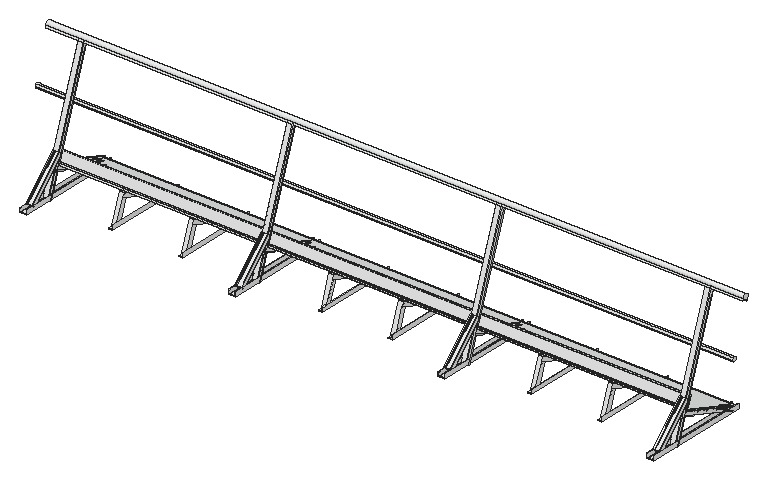
Revit family "Walkway_KattsafeUSA_Guardrail1Side_Levelled", category Specialty Equipment, Revit 2026
Family settings
  Round Connector Dimension = Use Diameter
  Part Type = Normal
  Classification Number = 23.13.41.19
  Enable Cutting in Views = No
  Cut with Voids When Loaded = No
  Maintain Annotation Orientation = No
  Shared = No
  Room Calculation Point = No
Parameters (values of type "GW5")
  WalkwayWidth = 1' - 11.62205"  # constant formula
  WalkwayMaterial = Aluminum_Kattsafe_Mesh_Walkway
  WalkwayAngleEnd2 [instance] = 0.00°
  WalkwayAngleEnd1 [instance] = 0.00°
  Uniclass2015Version = "Products v1.35"
  Uniclass2015Title = "Working platforms"
  Uniclass2015Code = "Pr_40_70_75_96"
  URL = "https://kattsafe.com"
  Type IFC Predefined Type = "USERDEFINED"
  Type Comments = "Walkway - 1 Side - Guardrail - Levelled"
  ToeboardSide2Option [instance] = if(and(HandrailEnd2ReturnOptionCalc, Toeboard), 1 > 0, 1 < 0)  # no
  ToeboardSide1Option [instance] = if(and(HandrailEnd1ReturnOptionCalc, Toeboard), 1 > 0, 1 < 0)  # no
  Toeboard [instance] = yes
  SafetyDisclaimer [instance] = "WARNING! The correct placement of access, fall protection and facade maintenance systems is critical to ensure it is fit-for-purpose and safe for the operator to use. Did you know Kattsafe® have a dedicated team of Height Safety System Design Specialists? Kattsafe® provide one-on-one consultation and system design assistance to ensure you are meeting the stringent requirements of height safety and to give you PEACE OF MIND with your project."  # constant formula
  RoofPitchCalc [instance] = if(1 = 1, RoofPitch + 90.00°, 0.00°)  # 110.00°
  RoofPitch [instance] = 20.00°
  RailClosureBendEnd2 [instance] = no
  RailClosureBendEnd1 [instance] = no
  PostsSingleOption [instance] = if(and(([built-in parameter 1001306] - 0' 2.20472" - PostOffsetLengthEnd1 - PostOffsetLengthEnd2 - (PostsOffsetLength * 2)) < 0' 0.03937", ([built-in parameter 1001306] - 0' 2.20472" - PostOffsetLengthEnd1 - PostOffsetLengthEnd2) > 6' 6.70079"), 1 > 0, 1 < 0)  # no
  PostsActualNumberOf [instance] = PostsOffsetLengthCalc3  # 4
  PostOffsetLengthEnd2 [instance] = 0' - 0"
  PostsOffsetLengthCalc3 [instance] = if(PostsOffsetLengthCalc > PostsOffsetLengthCalc2, rounddown(PostsOffsetLengthCalc2), PostsOffsetLengthCalc)  # 4
  PostsOffsetLengthCalc2 [instance] = (PostsOverallLength / PostsMaxSpacingLength) + 2  # 4.972
  PostsOffsetLengthCalc [instance] = (PostsOverallLength / PostsMaxSpacingLength) + 2  # 5
  PostsNumberOfCalc3 [instance] = if(and(PostsNumberOfCalc > PostsNumberOfCalc2, PostsOverallLength > PostsMaxSpacingLength * 2), rounddown(PostsNumberOfCalc2), if(PostsOverallLength < (PostsMaxSpacingLength * 2) + 0' 0.03937", 2, PostsNumberOfCalc))  # 2
  PostsNumberOfCalc2 [instance] = (PostsOverallLength / PostsMaxSpacingLength)  # 2.972
  PostsNumberOfCalc [instance] = (PostsOverallLength / PostsMaxSpacingLength)  # 3
  PostsMaxSpacingLength = 6' - 6.74016"  # constant formula
  PostsHeight [instance] = if(RoofPitch > 0.00°, ((2' 1.11811" * tan(RoofPitch)) + (0' 1.65354" / cos(RoofPitch)) + 0' 0.51181" + GuardrailHeight - 0' 1.65354"), (0' 2.16535" + GuardrailHeight - 0' 1.65354"))  # 4' - 1.13025"
  PostOffsetLengthEnd1 [instance] = 0' - 0"
  PostsArrayOption [instance] = if(([built-in parameter 1001306] - 0' 2.20472" - PostOffsetLengthEnd1 - PostOffsetLengthEnd2 - (PostsOffsetLength * 2)) < 0' 0.03937", 1 < 0, 1 > 0)  # yes
  PostsOverallLength [instance] = ([built-in parameter 1001306] - 0' 2.20472" - PostOffsetLengthEnd1 - PostOffsetLengthEnd2)  # 19' - 6.01575"
  Material = Aluminum_Kattsafe_Satin
  ManufacturerOverallHeightCalc = if(ManufacturerOverallHeight < 3' 1.59843", 3' 1.59843", if(ManufacturerOverallHeight > 3' 5.53543", 3' 5.53543", ManufacturerOverallHeight))  # 3' - 5.53543"
  KneerailOffsetHeightCalc2 [instance] = if(KneerailOffsetHeight > 1' 5.71654", 1' 5.71654", KneerailOffsetHeight)  # 1' - 5.12598"
  KneerailOffsetHeightCalc [instance] = if(or(RailClosureBendEnd1, RailClosureBendEnd2), 1' 5.12598", KneerailOffsetHeightCalc2)  # 1' - 5.12598"
  KneerailOffsetHeight [instance] = 1' - 5.12598"
  PostsOffsetLength [instance] = PostsOverallLength / (PostsOffsetLengthCalc3 - 1)  # 6' - 6.00525"
  KneerailEnd2ReturnOffsetLengthCalc [instance] = HandrailReturnOverhangLengthEnd2 + KneerailReturnOffsetLengthEnd2  # 1' - 11.62205"
  KneerailReturnOffsetLengthEnd2 [instance] = 0' - 0"
  KneerailEnd2OverhangLengthCalc [instance] = if(RailClosureBendEnd2, 0' 7.87402", HandrailEnd2OverhangLengthCalc + KneerailOffsetLengthEnd2)  # 0' - 11.81102"
  KneerailOffsetLengthEnd2 [instance] = 0' - 0"
  KneerailEnd1ReturnOffsetLengthCalc [instance] = HandrailReturnOverhangLengthEnd1 + KneerailReturnOffsetLengthEnd1  # 1' - 11.62205"
  KneerailReturnOffsetLengthEnd1 [instance] = 0' - 0"
  KneerailEnd1OverhangLengthCalc [instance] = if(RailClosureBendEnd1, 0' 7.87402", HandrailEnd1OverhangLengthCalc + KneerailOffsetLengthEnd1)  # 0' - 11.81102"
  KneerailOffsetLengthEnd1 [instance] = 0' - 0"
  KneerailAngledOffsetHeight [instance] = KneerailOffsetHeightCalc + (-HandrailAngledOffsetHeight)  # 1' - 5.71654"
  HandrailReturnOverhangLengthEnd2 [instance] = 1' - 11.62205"
  HandrailEnd2ReturnOptionCalc [instance] = if(and(HandrailReturnEnd2, WalkwayAngleEnd2 = 0.00°), 1 > 0, 1 < 0)  # no
  HandrailReturnEnd2 [instance] = no
  HandrailEnd2OverhangLengthCalc [instance] = if(RailClosureBendEnd2, 0' 0", HandrailOverhangLengthEnd2)  # 0' - 11.81102"
  HandrailOverhangLengthEnd2 [instance] = 0' - 11.81102"
  HandrailReturnOverhangLengthEnd1 [instance] = 1' - 11.62205"
  HandrailEnd1ReturnOptionCalc [instance] = if(and(HandrailReturnEnd1, WalkwayAngleEnd1 = 0.00°), 1 > 0, 1 < 0)  # no
  HandrailReturnEnd1 [instance] = no
  HandrailEnd1OverhangLengthCalc [instance] = if(RailClosureBendEnd1, 0' 0", HandrailOverhangLengthEnd1)  # 0' - 11.81102"
  HandrailOverhangLengthEnd1 [instance] = 0' - 11.81102"
  ModifiedIssue = 20250703
  Model = "GW5"
  ManufacturerURLProductSpecific = "https://kattsafe.com/products/walkways/aluminium-rooftop-walkway?variant=gw5"
  ManufacturerSpecCode = Model  # "GW5"
  ManufacturerOverallWidth = WalkwayWidth + 1' 3.74803"  # 3' - 3.37008"
  ManufacturerOverallLength [instance] = [built-in parameter 1001306]  # 19' - 8.22047"
  ManufacturerOverallHeight = 3' - 5.53543"
  Manufacturer = "Kattsafe®"  # constant formula
  built-in parameter 1001306 [instance] = 19' - 8.22047"
  IfcExportType = "USERDEFINED"
  IfcExportAs = "IfcBuildingElementProxy"
  HandrailClosureAngledOffsetHeight = -1' - 7.29134"  # constant formula
  HandrailAngledOffsetHeight = -0' - 0.59055"  # constant formula
  GuardrailHeight = ManufacturerOverallHeightCalc - 0' 2.16535"  # 3' - 3.37008"
  Export Type to IFC As = "IfcBuildingElementProxy"
  ElementType = "Roof Walkway"
  Description = "Kattsafe guardrail systems are the preferred method of safe access across roofs and areas close to a fall edge. The system requires no specialist PPE, personnel or training to safely prevent a fall with a walkway to designate a safe path of access across the roof surface."  # constant formula
  Default Elevation = 0' - 0"
  CreatedBy = "IGS BIM Solutions"  # constant formula
  CreatedByURL = "https://igsgroup.com.au"
  BattensSingleOption [instance] = if(PostsActualNumberOf < 3, 1 > 0, 1 < 0)  # no
  BattensArrayNumberOf [instance] = if(PostsActualNumberOf < 3, 2, PostsActualNumberOf - 1)  # 3
  BattensArrayOption [instance] = if(PostsActualNumberOf < 3, 1 < 0, 1 > 0)  # yes
  BattensActualNumberOf [instance] = if((PostsOffsetLength) < 2' 2.37795", 0, if((PostsOffsetLength) < 3' 3.37008", (BattensArrayNumberOf), ((BattensArrayNumberOf) * 2)))  # 6
  Assembly Code = "E1090100"
Reference planes (in)
  plane 1 "Walkway_Front": y = 0
  plane 2 "Bottom": z = 0
  plane 3 "Left": x = 0
  plane 4 "Right": x = 236.22047
  plane 5 "Top": z = 41.53543
  plane 6 "Front": y = -11.81102
  plane 7 "Walkway_Front_Calc": y = 0
  plane 8 "Walkway_Bottom": z = 1.65354
  plane 9 "Post_Centre (Front/Back)": y = -0.74803
  plane 10 "Kneerail_Top": z = 22.16535
  plane 11 "Handrail_Bottom": z = 39.29134
  plane 12 "Post_Array_Left": x = 79.10761
  plane 13 "Post_Array_Right": x = 157.11286
  plane 14 "Center (Front/Back)": y = -11.81102
  plane 15 "Center (Left/Right)": x = 118.11024
  plane 16 "Post_Left_Centre (Left/Right)": x = 1.10236
  plane 17 "Kneerail_Left": x = -11.81102
  plane 18 "Post_Left": x = 0
  plane 19 "Handrail_Left": x = -11.81102
  plane 20 "Post_Right_Centre (Left/Right)": x = 235.11811
  plane 21 "Kneerail_Right": x = 248.0315
  plane 22 "Post_Right": x = 236.22047
  plane 23 "Handrail_Right": x = 248.0315
  plane 24 "Walkway_Top": z = 2.16535
  plane 25 "Post_Front": y = -1.49606
  plane 26 "Left_Calc": x = 0
  plane 27 "Right_Calc": x = 236.22047
  plane 28 "Toeboard_Bottom": z = 2.55906
  plane 29 "Back": y = 27.55906
Lines and regions (in)
  reference lines
    curve 1: line (0, 0, 0) -> (236.22047, 0, 0)
    curve 2: line (0, 0, 0) -> (0.03783, 0, 0)
    curve 3: line (236.22047, 0, 0) -> (236.17957, 0, 0)
    curve 4: line (0, -1.49606, 0) -> (0, 15.30747, 46.16734)
    curve 5: line (0, 25.83591, 1.65354) -> (0, 2.23261, 10.24444)
Text (in)
  text "Disclaimer:\nDue to ongoing product development and manufacturing \nevolution, product details are subject to change without \nnotice. Please refer to product technical data sheets on \nthe manufacturers website for the most current product \ninformation. Please allow a +/- 5mm manufacturing \ntolerance for dimensions and set-outs shown in product \nliterature." at (407.89634, 92.4875, 0), in view "Ref. Level"
Dimensions and locks (in)
  "built-in parameter 1001306": plane 3 "Left" to plane 4 "Right"
  "ManufacturerOverallHeight": plane 5 "Top" to plane 2 "Bottom"
  "KneerailOffsetHeightCalc": plane 11 "Handrail_Bottom" to plane 10 "Kneerail_Top"
  "PostsOffsetLength": plane 13 "Post_Array_Right" to plane 20 "Post_Right_Centre (Left/Right)"
  locked: plane 5 "Top" to plane 11 "Handrail_Bottom" at 2.24409
  "PostsOffsetLength": plane 16 "Post_Left_Centre (Left/Right)" to plane 12 "Post_Array_Left"
  locked: plane 18 "Post_Left" to plane 16 "Post_Left_Centre (Left/Right)" at 1.10236
  "PostOffsetLengthEnd1": plane 26 "Left_Calc" to plane 18 "Post_Left"
  "HandrailEnd1OverhangLengthCalc": plane 19 "Handrail_Left" to plane 18 "Post_Left"
  "KneerailEnd1OverhangLengthCalc": plane 17 "Kneerail_Left" to plane 18 "Post_Left"
  locked: plane 22 "Post_Right" to plane 20 "Post_Right_Centre (Left/Right)" at 1.10236
  equal spacing: plane 3 "Left", plane 15 "Center (Left/Right)", plane 4 "Right"
  "PostOffsetLengthEnd2": plane 22 "Post_Right" to plane 27 "Right_Calc"
  "KneerailEnd2OverhangLengthCalc": plane 22 "Post_Right" to plane 21 "Kneerail_Right"
  "HandrailEnd2OverhangLengthCalc": plane 22 "Post_Right" to plane 23 "Handrail_Right"
  locked: plane 8 "Walkway_Bottom" to plane 2 "Bottom" at 1.65354
  locked: plane 24 "Walkway_Top" to plane 8 "Walkway_Bottom" at 0.51181
  "PostsHeight": curve 4 to curve 4
  locked: curve 4 to nested 7 at 0.74803
  locked: curve 4 to nested 8 at 1.49606
  locked: curve 4 to nested 9 at 0.74803
  locked: plane 3 "Left" to plane 26 "Left_Calc"
  locked: plane 27 "Right_Calc" to plane 4 "Right"
  curve 4 to nested 11 = 0' - 1.61417"
  locked: plane 28 "Toeboard_Bottom" to plane 24 "Walkway_Top" at 0.3937
  group 1 to group 2 = 6' - 6.00525"
  group 2 to group 1 = 0' - 0"
  group 1 to group 2 = 0' - 0"
  curve 5 to curve 5 = 2' - 1.11811"
  locked: nested 13 to curve 4 at 1.49606
  locked: curve 5 to nested 11 at 0.90551
  equal spacing: group 3, group 4, group 5  (x3)
  locked: plane 7 "Walkway_Front_Calc" to plane 1 "Walkway_Front" at 0
  "ManufacturerOverallWidth": plane 29 "Back" to plane 14 "Center (Front/Back)"
  equal spacing: plane 7 "Walkway_Front_Calc", plane 9 "Post_Centre (Front/Back)", plane 25 "Post_Front"
  locked: plane 25 "Post_Front" to plane 7 "Walkway_Front_Calc" at 1.49606
  locked: plane 14 "Center (Front/Back)" to plane 25 "Post_Front" at 10.31496
  locked: plane 26 "Left_Calc" to nested 16
  locked: curve 4 to nested 16 at 0.62992
  locked: curve 5 to nested 16 at 0.90551
  locked: nested 17 to plane 27 "Right_Calc"
  locked: curve 5 to nested 17 at 0.90551
  locked: curve 4 to nested 17 at 0.62992
  locked: curve 4 to nested 19 at 0.74803
  locked: curve 4 to nested 18 at 0.74803
  locked: curve 4 to nested 21 at 2.11467
  locked: curve 4 to nested 20 at 2.11467
  "RoofPitchCalc": angle plane 2 "Bottom" to curve 4
  "RoofPitch": angle plane 2 "Bottom" to curve 5
  aligned and locked: plane 4 "Right" to curve 1
  aligned and locked: plane 1 "Walkway_Front" to curve 1
  aligned and locked: plane 3 "Left" to curve 1
  aligned and locked: level to plane 2 "Bottom"
  aligned and locked: plane 4 "Right" to curve 3
  aligned and locked: plane 2 "Bottom" to nested 1
  aligned and locked: plane 2 "Bottom" to nested 2
  aligned and locked: plane 12 "Post_Array_Left" to nested 3
  aligned and locked: plane 2 "Bottom" to nested 3
  aligned and locked: plane 12 "Post_Array_Left" to nested 4
  aligned and locked: plane 18 "Post_Left" to nested 1
  aligned and locked: plane 22 "Post_Right" to nested 2
  aligned and locked: plane 16 "Post_Left_Centre (Left/Right)" to nested 5
  aligned and locked: plane 2 "Bottom" to nested 5
  aligned and locked: plane 16 "Post_Left_Centre (Left/Right)" to nested 6
  aligned and locked: plane 2 "Bottom" to nested 6
  aligned and locked: plane 2 "Bottom" to curve 4
  aligned and locked: plane 25 "Post_Front" to curve 4
  aligned and locked: nested 9 to plane 19 "Handrail_Left"
  aligned and locked: plane 19 "Handrail_Left" to nested 7
  aligned and locked: plane 17 "Kneerail_Left" to nested 8
  aligned and locked: plane 21 "Kneerail_Right" to nested 8
  aligned and locked: plane 23 "Handrail_Right" to nested 7
  aligned and locked: plane 23 "Handrail_Right" to nested 10
  aligned and locked: plane 26 "Left_Calc" to nested 11
  aligned and locked: plane 27 "Right_Calc" to nested 11
  aligned and locked: plane 13 "Post_Array_Right" to nested 12
  aligned and locked: plane 2 "Bottom" to nested 12
  aligned and locked: nested 1 to plane 7 "Walkway_Front_Calc"
  aligned and locked: nested 4 to plane 7 "Walkway_Front_Calc"
  aligned and locked: nested 3 to plane 7 "Walkway_Front_Calc"
  aligned and locked: nested 12 to plane 7 "Walkway_Front_Calc"
  aligned and locked: nested 2 to plane 7 "Walkway_Front_Calc"
  aligned and locked: plane 8 "Walkway_Bottom" to curve 5
  aligned and locked: nested 13 to curve 5
  aligned and locked: plane 26 "Left_Calc" to nested 13
  aligned and locked: plane 27 "Right_Calc" to nested 13
  aligned and locked: nested 6 to plane 29 "Back"
  aligned and locked: nested 5 to plane 29 "Back"
  aligned and locked: plane 12 "Post_Array_Left" to nested 14
  aligned and locked: nested 14 to plane 29 "Back"
  aligned and locked: plane 2 "Bottom" to nested 14
  aligned and locked: plane 19 "Handrail_Left" to nested 18
  aligned and locked: nested 19 to plane 23 "Handrail_Right"
  aligned and locked: curve 5 to nested 16
  aligned and locked: curve 5 to nested 17
  aligned and locked: plane 17 "Kneerail_Left" to nested 20
  aligned and locked: plane 21 "Kneerail_Right" to nested 21
Automatic sketch dimensions
  plane 3 "Left" to curve 2 = 0' - 0.03783"
  curve 3 to plane 4 "Right" = 0' - 0.0409"
  curve 2 to plane 3 "Left" = 0' - 0"
  plane 1 "Walkway_Front" to curve 3 = 0' - 0"
  plane 1 "Walkway_Front" to curve 2 = 0' - 0"
Nested families (in)
  nested 1: "z_Walkway_RoofMount_KattsafeUSA_Guardrail_Levelled" at (2.29467, 0, 0), ManufacturerOverallHeight <- "PostsHeight", RoofPitch <- "RoofPitch", type "GW355"
    with RoofPitch_Calc 110.00°, RoofPitch 20.00°, ManufacturerOverallHeight 4' - 1.13025"
  nested 2: "z_Walkway_RoofMount_KattsafeUSA_Guardrail_Levelled" at (235.95608, 0, 0), ManufacturerOverallHeight <- "PostsHeight", RoofPitch <- "RoofPitch", type "GW355"
    with RoofPitch_Calc 110.00°, RoofPitch 20.00°, ManufacturerOverallHeight 4' - 1.13025"
  nested 3: "z_Walkway_RoofMount_KattsafeUSA_Guardrail_Levelled" at (80.12275, 0, 0), ManufacturerOverallHeight <- "PostsHeight", visible <- "PostsArrayOption", RoofPitch <- "RoofPitch", type "GW355"
    with RoofPitch_Calc 110.00°, RoofPitch 20.00°, ManufacturerOverallHeight 4' - 1.13025"
  nested 4: "z_Walkway_RoofMount_KattsafeUSA_Guardrail_Levelled" at (80.12275, 0, 0), ManufacturerOverallHeight <- "PostsHeight", visible <- "PostsSingleOption", RoofPitch <- "RoofPitch", type "GW355"
    with RoofPitch_Calc 110.00°, RoofPitch 20.00°, ManufacturerOverallHeight 4' - 1.13025"
  nested 5: "z_Walkway_LevelledBatten_KattsafeUSA_Array" at (2.1175, 27.55906, 0), ManufacturerOverallLength <- "PostsOffsetLength", visible <- "BattensArrayOption", RoofPitch <- "RoofPitch", type "GW324"
    with RoofPitch 20.00°, ManufacturerOverallLength 6' - 6.00525", Batten_Offset_Length_Calc3 3, Batten_Offset_Length_Calc2 3.9572, Batten_Offset_Length_Calc 4, Batten_Offset_Length 2' - 2.00175", Batten_Max_Spacing_Length 2' - 2.37795", Batten_2_Option yes, Batten_1_Option yes
  nested 6: "z_Walkway_LevelledBatten_KattsafeUSA_Array" at (2.1175, 27.55906, 0), ManufacturerOverallLength <- "PostsOffsetLength", visible <- "BattensSingleOption", RoofPitch <- "RoofPitch", type "GW324"
    with RoofPitch 20.00°, ManufacturerOverallLength 6' - 6.00525", Batten_Offset_Length_Calc3 3, Batten_Offset_Length_Calc2 3.9572, Batten_Offset_Length_Calc 4, Batten_Offset_Length 2' - 2.00175", Batten_Max_Spacing_Length 2' - 2.37795", Batten_2_Option yes, Batten_1_Option yes
  nested 7: "z_Guardrail_KattsafeUSA_HandrailTube" at (-10.79589, 15.80841, 45.35656) x (1, 0, 0) z (0, 0.342, 0.9397), built-in parameter 1001364 <- "HandrailAngledOffsetHeight", Material <- "Material", type "GW374"
    with Material Aluminum_Kattsafe_Satin, ManufacturerOverallLength 21' - 7.84252"
  nested 8: "z_Guardrail_KattsafeUSA_KneerailTube" at (-10.79589, 11.28838, 28.77663) x (1, 0, 0) z (0, -0.342, -0.9397), built-in parameter 1001364 <- "KneerailAngledOffsetHeight", Material <- "Material", type "GW375"
    with Material Aluminum_Kattsafe_Satin, ManufacturerOverallLength 21' - 7.84252"
  nested 9: "z_Guardrail_KattsafeUSA_HandrailClosureBend" at (-26.54392, 9.41237, 27.78357) x (1, 0, 0) z (0, 0.342, 0.9397), built-in parameter 1001364 <- "HandrailClosureAngledOffsetHeight", visible <- "RailClosureBendEnd1", Material <- "Material", type "GW387"
    with Material Aluminum_Kattsafe_Satin, ManufacturerOverallLength 1' - 3.74803"
  nested 10: "z_Guardrail_KattsafeUSA_HandrailClosureBend" at (262.76439, 9.41237, 27.78357) x (-1, 0, 0) z (0, 0.342, 0.9397), built-in parameter 1001364 <- "HandrailClosureAngledOffsetHeight", visible <- "RailClosureBendEnd2", Material <- "Material", type "GW387"
    with Material Aluminum_Kattsafe_Satin, ManufacturerOverallLength 1' - 3.74803"
  nested 11: "z_Guardrail_KattsafeUSA_ToeBoard" at (1.01514, 3.59669, 10.71158) x (1, 0, 0) z (0, 0.342, 0.9397), visible <- "Toeboard", Material <- "Material", type "GW320"
    with Material Aluminum_Kattsafe_Satin, ManufacturerOverallLength 19' - 8.22047"
  nested 12: "z_Walkway_RoofMount_KattsafeUSA_Guardrail_Levelled" at (158.128, 0, 0), ManufacturerOverallHeight <- "PostsHeight", visible <- "PostsArrayOption", RoofPitch <- "RoofPitch", type "GW355"
    with RoofPitch_Calc 110.00°, RoofPitch 20.00°, ManufacturerOverallHeight 4' - 1.13025"
  nested 13: "z_Walkway_KattsafeUSA_Aluminium" at (1.01514, 14.73718, 5.69315) x (1, 0, 0) z (0, 0.342, 0.9397), End1_Angle <- "WalkwayAngleEnd1", End2_Angle <- "WalkwayAngleEnd2", Material <- "Material", ManufacturerOverallWidth <- "WalkwayWidth", WalkwayMaterial <- "WalkwayMaterial", type "GW335.6000"
    with WalkwayMaterial Aluminum_Kattsafe_Mesh_Walkway, Material Aluminum_Kattsafe_Satin, ManufacturerOverallWidth 1' - 11.62205", ManufacturerOverallLength 19' - 8.22047", End2_Angle_Calc 90.00°, End2_Angle 0.00°, End1_Angle_Calc 90.00°, End1_Angle 0.00°
  nested 14: "z_Walkway_LevelledBatten_KattsafeUSA_Array" at (80.12275, 27.55906, 0), ManufacturerOverallLength <- "PostsOffsetLength", visible <- "BattensArrayOption", RoofPitch <- "RoofPitch", type "GW324"
    with RoofPitch 20.00°, ManufacturerOverallLength 6' - 6.00525", Batten_Offset_Length_Calc3 3, Batten_Offset_Length_Calc2 3.9572, Batten_Offset_Length_Calc 4, Batten_Offset_Length 2' - 2.00175", Batten_Max_Spacing_Length 2' - 2.37795", Batten_2_Option yes, Batten_1_Option yes
  nested 15: "z_Walkway_LevelledBatten_KattsafeUSA_Array" at (158.128, 27.55906, 0), ManufacturerOverallLength <- "PostsOffsetLength", visible <- "BattensArrayOption", RoofPitch <- "RoofPitch", type "GW324"
    with RoofPitch 20.00°, ManufacturerOverallLength 6' - 6.00525", Batten_Offset_Length_Calc3 3, Batten_Offset_Length_Calc2 3.9572, Batten_Offset_Length_Calc 4, Batten_Offset_Length 2' - 2.00175", Batten_Max_Spacing_Length 2' - 2.37795", Batten_2_Option yes, Batten_1_Option yes
  nested 16: "z_Guardrail_KattsafeUSA_ToeBoard" at (-0.37402, 25.1917, 2.85164) x (0, -0.9397, 0.342) z (0, 0.342, 0.9397), visible <- "ToeboardSide1Option", Material <- "Material", type "GW320"
    with Material Aluminum_Kattsafe_Satin, ManufacturerOverallLength 2' - 0.48819"
  nested 17: "z_Guardrail_KattsafeUSA_ToeBoard" at (236.59449, 26.53823, 6.55122) x (0, -0.9397, 0.342) z (0, -0.342, -0.9397), visible <- "ToeboardSide2Option", Material <- "Material", type "GW320"
    with Material Aluminum_Kattsafe_Satin, ManufacturerOverallLength 2' - 0.48819"
  nested 18: "z_Guardrail_KattsafeUSA_HandrailTube" at (-10.82677, 16.76233, 45.00936) x (0, 0.9397, -0.342) z (0, 0.342, 0.9397), built-in parameter 1001364 <- "HandrailAngledOffsetHeight", ManufacturerOverallLength <- "HandrailReturnOverhangLengthEnd1", visible <- "HandrailEnd1ReturnOptionCalc", Material <- "Material", type "GW374"
    with Material Aluminum_Kattsafe_Satin, ManufacturerOverallLength 1' - 11.62205"
  nested 19: "z_Guardrail_KattsafeUSA_HandrailTube" at (247.04724, 16.76233, 45.00936) x (0, 0.9397, -0.342) z (0, 0.342, 0.9397), built-in parameter 1001364 <- "HandrailAngledOffsetHeight", ManufacturerOverallLength <- "HandrailReturnOverhangLengthEnd2", visible <- "HandrailEnd2ReturnOptionCalc", Material <- "Material", type "GW374"
    with Material Aluminum_Kattsafe_Satin, ManufacturerOverallLength 1' - 11.62205"
  nested 20: "z_Guardrail_KattsafeUSA_KneerailTube" at (-11.13583, 32.47874, 21.06396) x (0, -0.9397, 0.342) z (0, -0.342, -0.9397), built-in parameter 1001364 <- "KneerailAngledOffsetHeight", ManufacturerOverallLength <- "KneerailEnd1ReturnOffsetLengthCalc", visible <- "HandrailEnd1ReturnOptionCalc", Material <- "Material", type "GW375"
    with Material Aluminum_Kattsafe_Satin, ManufacturerOverallLength 1' - 11.62205"
  nested 21: "z_Guardrail_KattsafeUSA_KneerailTube" at (247.3563, 12.18911, 28.44878) x (0, 0.9397, -0.342) z (0, -0.342, -0.9397), built-in parameter 1001364 <- "KneerailAngledOffsetHeight", ManufacturerOverallLength <- "KneerailEnd2ReturnOffsetLengthCalc", visible <- "HandrailEnd2ReturnOptionCalc", Material <- "Material", type "GW375"
    with Material Aluminum_Kattsafe_Satin, ManufacturerOverallLength 1' - 11.62205"
Definition of nested family "z_Walkway_RoofMount_KattsafeUSA_Guardrail_Levelled"
  Parameters (values of type "GW355")
    URL = "https://kattsafe.com"
    Type Comments = ""
    RoofPitch_Calc [instance] = if(1 = 1, RoofPitch + 90.00°, 0.00°)  # 100.00°
    RoofPitch [instance] = 10.00°
    Model = "GW355"
    Material = none
    ManufacturerURLProductSpecific = ""
    ManufacturerSpecCode = Model  # "GW355"
    ManufacturerOverallWidth = 0' - 2.55906"  # constant formula
    ManufacturerOverallHeight [instance] = 3' - 5.65354"
    ManufacturerOverallDepth = 3' - 3.37008"  # constant formula
    Manufacturer = "Kattsafe®"  # constant formula
    Keynote = ""
    Description = "Roof Mount Guardrail Post with Walkway Support (Levelled)"
    Default Elevation = 0' - 0"  # constant formula
    CreatedBy = "IGS BIM Solutions"  # constant formula
    CreatedByURL = "https://igsgroup.com.au"
  Reference planes (in)
    plane 1 "Bottom": z = 0
    plane 2 "Post_Back": y = 0
    plane 3 "Post_Front": y = -1.49606
    plane 4 "Center (Left/Right)": x = -1.01514
    plane 5 "Top": z = 41.65354
    plane 6 "Post_Right": x = 0.08722
    plane 7 "Post_Left": x = -2.1175
    plane 8 "Front": y = -11.81102
    plane 9 "Base Channel_Top": z = 1.5748
    plane 10 "Post_Centre (Front/Back)": y = -0.74803
    plane 11 "Brace_Top": z = 14.02355
    plane 12 "Left": x = -2.29467
    plane 13 "Right": x = 0.26439
    plane 14 "Back": y = 27.55906
  Forms (in)
    Sweep 1, solid, material <- "Material"
      path origin (-1.01514, 0, 0) x (0, 1, 0) y (0, 0, 1)
        loop
          line (27.55906, 1.5748) -> (-11.81102, 1.5748)
      profile origin (-1.01514, 7.87402, 1.5748) x (0, 0, -1) y (1, 0, 0)
        loop
          line (1.5748, 1.27953) -> (0.05906, 1.27953)
          arc (0.05906, 1.27953) -> (0, 1.22047) -> (0.05906, 1.16142) r 0.05906
          line (0.05906, 1.16142) -> (1.45669, 1.16142) -> (1.45669, 0.76772) -> (1.35827, 0.76772)
          arc (1.35827, 0.76772) -> (1.33858, 0.74803) -> (1.35827, 0.72835) r 0.01969
          line (1.35827, 0.72835) -> (1.45669, 0.72835) -> (1.45669, -0.72835) -> (1.35827, -0.72835)
          arc (1.35827, -0.72835) -> (1.33858, -0.74803) -> (1.35827, -0.76772) r 0.01969
          line (1.35827, -0.76772) -> (1.45669, -0.76772) -> (1.45669, -1.16142) -> (0.05906, -1.16142)
          arc (0.05906, -1.16142) -> (0, -1.22047) -> (0.05906, -1.27953) r 0.05906
          line (0.05906, -1.27953) -> (1.5748, -1.27953) -> (1.5748, 1.27953)
    SweptBlend 2, solid, material <- "Material"
      path origin (-1.01514, 0, 0) x (0, 1, 0) y (0, 0, 1)
        loop
          line (0.91146, 14.02355) -> (-11.53728, 1.5748)
      profile origin (-1.01514, 0.91146, 14.02355) x (0, 0.707107, -0.707107) y (1, 0, 0)
        loop
          line (0, 1.27953) -> (0, -1.27953) -> (1.43701, -1.27953)
          arc (1.43701, -1.27953) -> (1.49606, -1.22047) -> (1.43701, -1.16142) r 0.05906
          line (1.43701, -1.16142) -> (0.11811, -1.16142) -> (0.11811, -0.76772) -> (0.21654, -0.76772)
          arc (0.21654, -0.76772) -> (0.23622, -0.74803) -> (0.21654, -0.72835) r 0.01969
          line (0.21654, -0.72835) -> (0.11811, -0.72835) -> (0.11811, 0.72835) -> (0.21654, 0.72835)
          arc (0.21654, 0.72835) -> (0.23622, 0.74803) -> (0.21654, 0.76772) r 0.01969
          line (0.21654, 0.76772) -> (0.11811, 0.76772) -> (0.11811, 1.16142) -> (1.43701, 1.16142)
          arc (1.43701, 1.16142) -> (1.49606, 1.22047) -> (1.43701, 1.27953) r 0.05906
          line (1.43701, 1.27953) -> (0, 1.27953)
      end profile origin (-1.01514, -11.53728, 1.5748) x (0, 0.707107, -0.707107) y (1, 0, 0)
        loop
          line (0, 1.16142) -> (0, -1.39764) -> (1.43701, -1.39764)
          arc (1.43701, -1.39764) -> (1.49606, -1.33858) -> (1.43701, -1.27953) r 0.05906
          line (1.43701, -1.27953) -> (0.11811, -1.27953) -> (0.11811, -0.88583) -> (0.21654, -0.88583)
          arc (0.21654, -0.88583) -> (0.23622, -0.86614) -> (0.21654, -0.84646) r 0.01969
          line (0.21654, -0.84646) -> (0.11811, -0.84646) -> (0.11811, 0.61024) -> (0.21654, 0.61024)
          arc (0.21654, 0.61024) -> (0.23622, 0.62992) -> (0.21654, 0.64961) r 0.01969
          line (0.21654, 0.64961) -> (0.11811, 0.64961) -> (0.11811, 1.04331) -> (1.43701, 1.04331)
          arc (1.43701, 1.04331) -> (1.49606, 1.10236) -> (1.43701, 1.16142) r 0.05906
          line (1.43701, 1.16142) -> (0, 1.16142)
    Sweep 3, solid, material <- "Material"
      path origin (-1.01514, 0, 0) x (0, 1, 0) y (0, 0, 1)
        loop
          line (-1.49606, 0) -> (5.737, 41.02073)
      profile origin (-1.01514, 2.12047, 20.51037) x (0, -0.984808, 0.173648) y (1, 0, 0)
        loop
          arc (-1.49606, -0.90551) -> (-1.43841, -1.04471) -> (-1.29921, -1.10236) r 0.19685
          line (-1.29921, -1.10236) -> (-0.19685, -1.10236)
          arc (-0.19685, -1.10236) -> (-0.05766, -1.04471) -> (0, -0.90551) r 0.19685
          line (0, -0.90551) -> (0, 0.90551)
          arc (0, 0.90551) -> (-0.05766, 1.04471) -> (-0.19685, 1.10236) r 0.19685
          line (-0.19685, 1.10236) -> (-1.29921, 1.10236)
          arc (-1.29921, 1.10236) -> (-1.43841, 1.04471) -> (-1.49606, 0.90551) r 0.19685
          line (-1.49606, 0.90551) -> (-1.49606, -0.90551)
    SweptBlend 4, solid, material <- "Material"
      path origin (-1.01514, 0, 0) x (0, 1, 0) y (0, 0, 1)
        loop
          line (24.28721, 1.5748) -> (0.28737, 5.80662)
      profile origin (-1.01514, 24.28721, 1.5748) x (0, -0.173648, -0.984808) y (1, 0, 0)
        loop
          line (0, 1.16142) -> (0, -1.39764) -> (1.40561, -1.39764)
          spline (1.40561, -1.39764) -> (1.42056, -1.39563) -> (1.43449, -1.38973) -> (1.44645, -1.38034) -> (1.45563, -1.36811) -> (1.4614, -1.35387) -> (1.46337, -1.33858) -> (1.4614, -1.3233) -> (1.45563, -1.30906) -> (1.44645, -1.29682) -> (1.43449, -1.28744) -> (1.42056, -1.28154) -> (1.40561, -1.27953)
          line (1.40561, -1.27953) -> (0.11553, -1.27953) -> (0.11553, -0.88583) -> (0.2118, -0.88583)
          spline (0.2118, -0.88583) -> (0.21679, -0.88516) -> (0.22143, -0.88319) -> (0.22542, -0.88006) -> (0.22848, -0.87598) -> (0.2304, -0.87124) -> (0.23106, -0.86614) -> (0.2304, -0.86105) -> (0.22848, -0.8563) -> (0.22542, -0.85222) -> (0.22143, -0.84909) -> (0.21679, -0.84713) -> (0.2118, -0.84646)
          line (0.2118, -0.84646) -> (0.11553, -0.84646) -> (0.11553, 0.61024) -> (0.2118, 0.61024)
          spline (0.2118, 0.61024) -> (0.21679, 0.61091) -> (0.22143, 0.61287) -> (0.22542, 0.616) -> (0.22848, 0.62008) -> (0.2304, 0.62483) -> (0.23106, 0.62992) -> (0.2304, 0.63502) -> (0.22848, 0.63976) -> (0.22542, 0.64384) -> (0.22143, 0.64697) -> (0.21679, 0.64894) -> (0.2118, 0.64961)
          line (0.2118, 0.64961) -> (0.11553, 0.64961) -> (0.11553, 1.04331) -> (1.40561, 1.04331)
          spline (1.40561, 1.04331) -> (1.42056, 1.04532) -> (1.43449, 1.05122) -> (1.44645, 1.0606) -> (1.45563, 1.07283) -> (1.4614, 1.08708) -> (1.46337, 1.10236) -> (1.4614, 1.11765) -> (1.45563, 1.13189) -> (1.44645, 1.14412) -> (1.43449, 1.15351) -> (1.42056, 1.15941) -> (1.40561, 1.16142)
          line (1.40561, 1.16142) -> (0, 1.16142)
      end profile origin (-1.01514, 0.28737, 5.80662) x (0, -0.173648, -0.984808) y (1, 0, 0)
        loop
          line (0, 1.27953) -> (0, -1.27953) -> (1.40561, -1.27953)
          spline (1.40561, -1.27953) -> (1.42056, -1.27752) -> (1.43449, -1.27162) -> (1.44645, -1.26223) -> (1.45563, -1.25) -> (1.4614, -1.23576) -> (1.46337, -1.22047) -> (1.4614, -1.20519) -> (1.45563, -1.19094) -> (1.44645, -1.17871) -> (1.43449, -1.16933) -> (1.42056, -1.16343) -> (1.40561, -1.16142)
          line (1.40561, -1.16142) -> (0.11553, -1.16142) -> (0.11553, -0.76772) -> (0.2118, -0.76772)
          spline (0.2118, -0.76772) -> (0.21679, -0.76705) -> (0.22143, -0.76508) -> (0.22542, -0.76195) -> (0.22848, -0.75787) -> (0.2304, -0.75313) -> (0.23106, -0.74803) -> (0.2304, -0.74294) -> (0.22848, -0.73819) -> (0.22542, -0.73411) -> (0.22143, -0.73098) -> (0.21679, -0.72902) -> (0.2118, -0.72835)
          line (0.2118, -0.72835) -> (0.11553, -0.72835) -> (0.11553, 0.72835) -> (0.2118, 0.72835)
          spline (0.2118, 0.72835) -> (0.21679, 0.72902) -> (0.22143, 0.73098) -> (0.22542, 0.73411) -> (0.22848, 0.73819) -> (0.2304, 0.74294) -> (0.23106, 0.74803) -> (0.2304, 0.75313) -> (0.22848, 0.75787) -> (0.22542, 0.76195) -> (0.22143, 0.76508) -> (0.21679, 0.76705) -> (0.2118, 0.76772)
          line (0.2118, 0.76772) -> (0.11553, 0.76772) -> (0.11553, 1.16142) -> (1.40561, 1.16142)
          spline (1.40561, 1.16142) -> (1.42056, 1.16343) -> (1.43449, 1.16933) -> (1.44645, 1.17871) -> (1.45563, 1.19094) -> (1.4614, 1.20519) -> (1.46337, 1.22047) -> (1.4614, 1.23576) -> (1.45563, 1.25) -> (1.44645, 1.26223) -> (1.43449, 1.27162) -> (1.42056, 1.27752) -> (1.40561, 1.27953)
          line (1.40561, 1.27953) -> (0, 1.27953)
  Cuts and joins
    joined: Sweep 3, SweptBlend 4
  Lines and regions (in)
    reference lines
      curve 1: line (-1.01514, 0.99062, 14.10271) -> (-1.01514, -11.53728, 1.5748)
      curve 2: line (-1.01514, -1.49606, 0) -> (-1.01514, 5.737, 41.02073)
      curve 3: line (-1.01514, 24.28721, 1.5748) -> (-1.01514, -0.44929, 5.93652)
  Dimensions and locks (in)
    "ManufacturerOverallHeight": plane 5 "Top" to plane 1 "Bottom"
    locked: plane 7 "Post_Left" to plane 6 "Post_Right" at 2.20472
    "ManufacturerOverallDepth": plane 14 "Back" to plane 8 "Front"
    equal spacing: plane 7 "Post_Left", plane 4 "Center (Left/Right)", plane 6 "Post_Right"
    plane 9 "Base Channel_Top" to plane 1 "Bottom" = 0' - 1.5748"
    Sweep 1 sketch curve to profile plane to Sweep 1 sketch curve = 0' - 1.27953" locked, 0' - 1.27953" locked
    Sweep 1 sketch curve to profile plane to Sweep 1 sketch curve = 0' - 1.16142" locked, 0' - 1.16142" locked
    locked: profile plane to Sweep 1 sketch curve
    locked: profile plane to Sweep 1 sketch curve at 0
    locked: profile plane to Sweep 1 sketch curve at 1.45669  (x3)
    locked: profile plane to Sweep 1 sketch curve at 1.5748
    equal spacing: plane 3 "Post_Front", plane 10 "Post_Centre (Front/Back)", plane 2 "Post_Back"
    locked: profile plane to Sweep 1 sketch curve at 1.33858  (x2)
    Sweep 1 sketch curve to profile plane to Sweep 1 sketch curve = 0' - 0.72835" locked, 0' - 0.72835" locked
    Sweep 1 sketch curve to profile plane to Sweep 1 sketch curve = 0' - 0.76772" locked, 0' - 0.76772" locked
    equal spacing: plane 12 "Left", plane 4 "Center (Left/Right)", plane 13 "Right"
    "ManufacturerOverallWidth": plane 12 "Left" to plane 13 "Right"
    locked: plane 3 "Post_Front" to plane 8 "Front" at 10.31496
    locked: plane 2 "Post_Back" to plane 3 "Post_Front" at 1.49606
    locked: Sweep 3 sketch curve to profile plane at 1.49606
    equal spacing: Sweep 3 sketch curve, profile plane, Sweep 3 sketch curve, locked at 1.10236 each
    locked: Sweep 3 sketch curve to Sweep 3 sketch curve at 2.20472
    locked: curve 2 to Sweep 3 sketch curve at 0
    "ManufacturerOverallHeight": curve 2 to curve 2
    locked: curve 2 to curve 3 at 25.11811
    locked: curve 2 to SweptBlend 4 sketch curve at 0.74803
    radius of Sweep 3 sketch curve = 0' - 0.19685"  (x4)
    locked: curve 1 to plane 11 "Brace_Top" (angle 45.00°)
    "RoofPitch_Calc": angle plane 1 "Bottom" to curve 2
    "RoofPitch": angle plane 1 "Bottom" to curve 3
    aligned and locked: level to plane 1 "Bottom"
    aligned and locked: curve 1 to SweptBlend 2 sketch curve
    aligned and locked: plane 11 "Brace_Top" to SweptBlend 2 sketch curve
    aligned and locked: plane 14 "Back" to Sweep 1 sketch curve
    aligned and locked: plane 3 "Post_Front" to curve 2
    aligned and locked: plane 1 "Bottom" to curve 2
    aligned and locked: curve 2 to Sweep 3 sketch curve
    aligned and locked: profile plane to Sweep 3 sketch curve
    aligned and locked: plane 1 "Bottom" to Sweep 3 sketch curve
    aligned and locked: plane 9 "Base Channel_Top" to curve 1
    aligned and locked: plane 9 "Base Channel_Top" to curve 3
    aligned and locked: curve 3 to SweptBlend 4 sketch curve
  Automatic sketch dimensions
    profile plane to SweptBlend 2 sketch curve = 0' - 0"  (x2)
    SweptBlend 2 sketch curve to profile plane = 0' - 0.11811"
    SweptBlend 2 sketch curve to SweptBlend 2 sketch curve = 0' - 0.11811"  (x4)
    SweptBlend 2 sketch curve to SweptBlend 2 sketch curve = 0' - 0"  (x2)
    SweptBlend 2 sketch curve to SweptBlend 2 sketch curve = 0' - 0.09843"  (x4)
    SweptBlend 2 sketch curve to profile plane = 0' - 1.43701"  (x4)
    SweptBlend 2 sketch curve to plane 4 "Center (Left/Right)" = 0' - 1.27953"
    SweptBlend 2 sketch curve to SweptBlend 2 sketch curve = 0' - 0.05906"  (x2)
    SweptBlend 2 sketch curve to SweptBlend 2 sketch curve = 0' - 0.3937"  (x3)
    SweptBlend 2 sketch curve to SweptBlend 2 sketch curve = 0' - 0.01969"  (x3)
    SweptBlend 2 sketch curve to SweptBlend 2 sketch curve = 0' - 0.03937"
    SweptBlend 2 sketch curve to SweptBlend 2 sketch curve = 0' - 1.45669"  (x2)
    SweptBlend 2 sketch curve to plane 4 "Center (Left/Right)" = 0' - 1.39764"
    SweptBlend 2 sketch curve to SweptBlend 2 sketch curve = 0' - 0.43307"
    SweptBlend 2 sketch curve to SweptBlend 2 sketch curve = 0' - 0.55118"
    plane 9 "Base Channel_Top" to SweptBlend 2 sketch curve = 0' - 0"
    Sweep 1 sketch curve to plane 8 "Front" = 0' - 0"
    plane 9 "Base Channel_Top" to Sweep 1 sketch curve = 0' - 0"
    profile plane to SweptBlend 4 sketch curve = 0' - 0"
    SweptBlend 4 sketch curve to profile plane = 0' - 0.11553"  (x4)
    SweptBlend 4 sketch curve to SweptBlend 4 sketch curve = 0' - 0.11553"  (x2)
    SweptBlend 4 sketch curve to SweptBlend 4 sketch curve = 0' - 0.09627"  (x4)
    SweptBlend 4 sketch curve to profile plane = 0' - 1.40561"  (x2)
    SweptBlend 4 sketch curve to plane 4 "Center (Left/Right)" = 0' - 1.39764"
    SweptBlend 4 sketch curve to SweptBlend 4 sketch curve = 0' - 0.11811"  (x4)
    SweptBlend 4 sketch curve to SweptBlend 4 sketch curve = 0' - 0.3937"  (x4)
    SweptBlend 4 sketch curve to SweptBlend 4 sketch curve = 0' - 0.03937"  (x4)
    plane 4 "Center (Left/Right)" to SweptBlend 4 sketch curve = 0' - 0.61024"
    SweptBlend 4 sketch curve to profile plane = 0' - 0"
    SweptBlend 4 sketch curve to SweptBlend 4 sketch curve = 0' - 1.1938"  (x2)
    SweptBlend 4 sketch curve to plane 4 "Center (Left/Right)" = 0' - 1.27953"
    plane 4 "Center (Left/Right)" to SweptBlend 4 sketch curve = 0' - 0.72835"
    plane 9 "Base Channel_Top" to SweptBlend 4 sketch curve = 0' - 0"
Definition of nested family "z_Walkway_LevelledBatten_KattsafeUSA_Array"
  Parameters (values of type "GW324")
    URL = "https://kattsafe.com"
    Type Comments = ""
    RoofPitch [instance] = 20.00°
    Model = "GW324S"
    Material = none
    ManufacturerURLProductSpecific = ""
    ManufacturerSpecCode = Model  # "GW324S"
    ManufacturerOverallWidth = 2' - 6.70866"  # constant formula
    ManufacturerOverallLength [instance] = 6' - 6.74016"
    ManufacturerOverallHeight = 0' - 1.5748"  # constant formula
    Manufacturer = "Kattsafe®"  # constant formula
    Keynote = ""
    Description = "Pace 600 Walkway Support Batten (Levelled)"
    Default Elevation = 0' - 0"  # constant formula
    CreatedBy = "IGS BIM Solutions"  # constant formula
    CreatedByURL = "https://igsgroup.com.au"
    Batten_Offset_Length_Calc3 [instance] = if(Batten_Offset_Length_Calc > Batten_Offset_Length_Calc2, rounddown(Batten_Offset_Length_Calc2), Batten_Offset_Length_Calc)  # 3
    Batten_Offset_Length_Calc2 [instance] = ManufacturerOverallLength / (Batten_Max_Spacing_Length) + 1  # 3.9851
    Batten_Offset_Length_Calc [instance] = ManufacturerOverallLength / (Batten_Max_Spacing_Length) + 1  # 4
    Batten_Offset_Length [instance] = ManufacturerOverallLength / (Batten_Offset_Length_Calc3)  # 2' - 2.24672"
    Batten_Max_Spacing_Length [instance] = 2' - 2.37795"  # constant formula
    Batten_2_Option [instance] = if(Batten_Offset_Length_Calc3 < 3, 1 < 0, 1 > 0)  # yes
    Batten_1_Option [instance] = if(Batten_Offset_Length_Calc2 < 2, 1 < 0, 1 > 0)  # yes
  Reference planes (in)
    plane 1 "Bottom": z = 0
    plane 2 "Back": y = 0
    plane 3 "Front": y = -30.70866
    plane 4 "Left": x = -1.01514
    plane 5 "Center (Left/Right)": x = 38.35494
    plane 6 "Top": z = 1.5748
    plane 7 "Right": x = 77.72502
    plane 8 "Center (Front/Back)": y = -15.35433
    plane 9 "Batten_1_Centre (Left/Right)": x = 25.23158
    plane 10 "Batten_2_Centre (Left/Right)": x = 51.4783
  Dimensions and locks (in)
    "ManufacturerOverallHeight": plane 6 "Top" to plane 1 "Bottom"
    equal spacing: plane 4 "Left", plane 5 "Center (Left/Right)", plane 7 "Right"
    "ManufacturerOverallLength": plane 4 "Left" to plane 7 "Right"
    "ManufacturerOverallWidth": plane 2 "Back" to plane 3 "Front"
    equal spacing: plane 3 "Front", plane 8 "Center (Front/Back)", plane 2 "Back"
    "Batten_Offset_Length": plane 4 "Left" to plane 9 "Batten_1_Centre (Left/Right)"
    "Batten_Offset_Length": plane 10 "Batten_2_Centre (Left/Right)" to plane 7 "Right"
    aligned and locked: plane 1 "Bottom" to level
    aligned and locked: plane 1 "Bottom" to nested 1
    aligned and locked: nested 1 to plane 2 "Back"
    aligned and locked: nested 1 to plane 9 "Batten_1_Centre (Left/Right)"
    aligned and locked: nested 2 to plane 10 "Batten_2_Centre (Left/Right)"
    aligned and locked: nested 2 to plane 2 "Back"
  Nested families (in)
    nested 1: "z_Walkway_LevelledBatten_Kattsafe" at (26.24672, -27.55906, 0), visible <- "Batten_1_Option", RoofPitch <- "RoofPitch", type "GW324"
      with RoofPitch_Calc 110.00°, RoofPitch 20.00°
    nested 2: "z_Walkway_LevelledBatten_Kattsafe" at (52.49344, -27.55906, 0), visible <- "Batten_2_Option", RoofPitch <- "RoofPitch", type "GW324"
      with RoofPitch_Calc 110.00°, RoofPitch 20.00°
  Definition of nested family "z_Walkway_LevelledBatten_Kattsafe"
    Parameters (values of type "GW324")
      URL = "https://kattsafe.com.au/"
      Type Comments = ""
      RoofPitch_Calc [instance] = if(1 = 1, RoofPitch + 90.00°, 0.00°)  # 110.00°
      RoofPitch [instance] = 20.00°
      Model = "GW324S"
      Material = none
      ManufacturerURLProductSpecific = ""
      ManufacturerSpecCode = Model  # "GW324S"
      ManufacturerOverallWidth = 0' - 1.5748"
      ManufacturerOverallDepth = 2' - 6.70866"  # constant formula
      Manufacturer = "Kattsafe®"  # constant formula
      Keynote = ""
      Description = "Pace 600 Walkway Support Batten (Levelled)"
      Default Elevation = 0' - 0"  # constant formula
      CreatedBy = "IGS BIM Solutions"  # constant formula
      CreatedByURL = "https://igsgroup.com.au"
    Reference planes (in)
      plane 1 "Bottom": z = 0
      plane 2 "Post_Back": y = 0.07874
      plane 3 "Post_Front": y = -1.49606
      plane 4 "Center (Left/Right)": x = -1.01514
      plane 5 "Front": y = -3.14961
      plane 6 "Base Channel_Top": z = 1.5748
      plane 7 "Post_Centre (Front/Back)": y = -0.70866
      plane 8 "Left": x = -1.80254
      plane 9 "Right": x = -0.22774
      plane 10 "Back": y = 27.55906
    Forms (in)
      Sweep 1, solid, material <- "Material"
        path origin (-1.01514, 0, 0) x (0, 1, 0) y (0, 0, 1)
          loop
            line (27.55906, 1.5748) -> (-3.14961, 1.5748)
        profile origin (-1.01514, 12.20472, 1.5748) x (0, 0, -1) y (1, 0, 0)
          loop
            line (1.5748, -0.7874) -> (1.5748, 0.7874) -> (0, 0.7874) -> (0, 0.66929) -> (1.45669, 0.66929) -> (1.45669, -0.7874) -> (1.5748, -0.7874)
      Sweep 2, solid, material <- "Material"
        path origin (-1.01514, 0, 0) x (0, 1, 0) y (0, 0, 1)
          loop
            line (-1.53708, -0.1127) -> (2.20395, 10.1657)
        profile origin (-1.01514, 0.33343, 5.0265) x (0, -0.939693, 0.34202) y (1, 0, 0)
          loop
            line (0, 0.55118) -> (-1.5748, 0.55118) -> (-1.5748, 0.43307) -> (-0.11811, 0.43307) -> (-0.11811, -1.02362) -> (0, -1.02362) -> (0, 0.55118)
      SweptBlend 3, solid, material <- "Material"
        path origin (-1.01514, 0, 0) x (0, 1, 0) y (0, 0, 1)
          loop
            line (25.80725, 1.5748) -> (2.20395, 10.1657)
        profile origin (-1.01514, 25.80725, 1.5748) x (0, -0.34202, -0.939693) y (1, 0, 0)
          loop
            line (0, -0.90551) -> (0.11811, -0.90551) -> (0.11811, 0.55118) -> (1.5748, 0.55118) -> (1.5748, 0.66929) -> (0, 0.66929) -> (0, -0.90551)
        end profile origin (-1.01514, 2.20395, 10.1657) x (0, -0.34202, -0.939693) y (1, 0, 0)
          loop
            line (0, -0.90551) -> (0.11811, -0.90551) -> (0.11811, 0.55118) -> (1.5748, 0.55118) -> (1.5748, 0.66929) -> (0, 0.66929) -> (0, -0.90551)
      Extrusion 4, void
        sketch origin (-1.01514, 0, 0) x (0, 1, 0) y (0, 0, 1)
          loop
            line (27.55906, 0.11811) -> (-3.14961, 0.11811) -> (-3.14961, -1.55366) -> (27.55906, -1.55366) -> (27.55906, 0.11811)
        from -2.7345 to 0.7874
    Cuts and joins
      Extrusion 4 cuts Sweep 2
      joined: Sweep 2, SweptBlend 3
    Lines and regions (in)
      reference lines
        curve 1: line (-1.01514, -1.49606, 0) -> (-1.01514, 2.20395, 10.1657)
        curve 2: line (-1.01514, 25.80725, 1.5748) -> (-1.01514, 2.20395, 10.1657)
    Dimensions and locks (in)
      plane 6 "Base Channel_Top" to plane 1 "Bottom" = 0' - 1.5748"
      equal spacing: plane 3 "Post_Front", plane 7 "Post_Centre (Front/Back)", plane 2 "Post_Back"
      equal spacing: plane 8 "Left", plane 4 "Center (Left/Right)", plane 9 "Right"
      "ManufacturerOverallWidth": plane 8 "Left" to plane 9 "Right"
      locked: plane 3 "Post_Front" to plane 5 "Front" at 1.65354
      locked: plane 2 "Post_Back" to plane 3 "Post_Front" at 1.5748
      locked: curve 1 to curve 2 at 25.11811
      locked: curve 1 to SweptBlend 3 sketch curve at 0
      locked: Sweep 1 sketch curve to plane 9 "Right" at 0.11811
      locked: Sweep 1 sketch curve to plane 1 "Bottom" at 0.11811
      locked: curve 1 to Sweep 2 sketch curve at 0.11993
      "ManufacturerOverallDepth": plane 10 "Back" to plane 5 "Front"
      locked: Sweep 2 sketch curve to curve 2 at 0
      locked: Extrusion 4 sketch curve to plane 1 "Bottom" at 0.11811
      locked: plane 1 "Bottom" to Extrusion 4 sketch curve at 1.55366
      "RoofPitch_Calc": angle plane 1 "Bottom" to curve 1
      "RoofPitch": angle plane 1 "Bottom" to curve 2
      aligned and locked: level to plane 1 "Bottom"
      aligned and locked: plane 10 "Back" to Sweep 1 sketch curve
      aligned and locked: plane 3 "Post_Front" to curve 1
      aligned and locked: plane 1 "Bottom" to curve 1
      aligned and locked: Sweep 2 sketch curve to curve 1
      aligned and locked: profile plane to Sweep 2 sketch curve
      aligned and locked: plane 6 "Base Channel_Top" to curve 2
      aligned and locked: SweptBlend 3 sketch curve to curve 2
      aligned and locked: plane 8 "Left" to Sweep 1 sketch curve
      aligned and locked: Sweep 1 sketch curve to plane 6 "Base Channel_Top"
      aligned and locked: Sweep 1 sketch curve to plane 9 "Right"
      aligned and locked: plane 5 "Front" to Extrusion 4 sketch curve
      aligned and locked: Extrusion 4 sketch curve to plane 10 "Back"
    Automatic sketch dimensions
      Sweep 1 sketch curve to plane 5 "Front" = 0' - 0"
      plane 6 "Base Channel_Top" to Sweep 1 sketch curve = 0' - 0"
      Sweep 1 sketch curve to Sweep 1 sketch curve = 0' - 0.11811"
      profile plane to Sweep 2 sketch curve = 0' - 0.11811"
      plane 4 "Center (Left/Right)" to Sweep 2 sketch curve = 0' - 0.43307"
      Sweep 2 sketch curve to Sweep 2 sketch curve = 0' - 1.45669"
      Sweep 2 sketch curve to plane 4 "Center (Left/Right)" = 0' - 1.02362"
      Sweep 2 sketch curve to Sweep 2 sketch curve = 0' - 0.11811"
      SweptBlend 3 sketch curve to profile plane = 0' - 0"
      SweptBlend 3 sketch curve to profile plane = 0' - 0.11811"  (x2)
      SweptBlend 3 sketch curve to SweptBlend 3 sketch curve = 0' - 1.45669"  (x2)
      SweptBlend 3 sketch curve to plane 4 "Center (Left/Right)" = 0' - 0.90551"  (x2)
      plane 4 "Center (Left/Right)" to SweptBlend 3 sketch curve = 0' - 0.55118"  (x2)
      SweptBlend 3 sketch curve to SweptBlend 3 sketch curve = 0' - 0.11811"  (x2)
      profile plane to SweptBlend 3 sketch curve = 0' - 0"
      plane 6 "Base Channel_Top" to SweptBlend 3 sketch curve = 0' - 0"
Definition of nested family "z_Guardrail_KattsafeUSA_HandrailTube"
  Parameters (values of type "GW374")
    URL = "https://kattsafe.com"
    Type Comments = ""
    Model = "GW374"
    Material [instance] = none
    ManufacturerURLProductSpecific = ""
    ManufacturerSpecCode = Model  # "GW374"
    ManufacturerOverallWidth = 0' - 1.9685"  # constant formula
    ManufacturerOverallLength [instance] = 19' - 8.22047"
    ManufacturerOverallHeight = 0' - 2.24409"  # constant formula
    Manufacturer = "Kattsafe®"  # constant formula
    Keynote = ""
    Description = "Handrail Tube"
    Default Elevation = 0' - 0"  # constant formula
    CreatedBy = "IGS BIM Solutions"  # constant formula
    CreatedByURL = "https://igsgroup.com.au"
  Reference planes (in)
    plane 1 "Bottom": z = 0
    plane 2 "Center (Front/Back)": y = 0
    plane 3 "Front": y = -0.98425
    plane 4 "Left": x = -1.01514
    plane 5 "Center (Left/Right)": x = 117.0951
    plane 6 "Top": z = 2.24409
    plane 7 "Right": x = 235.20533
    plane 8 "Back": y = 0.98425
    plane 9 "Rail_Top": z = 0.59055
  Forms (in)
    Extrusion 1, solid, material <- "Material"
      sketch origin (-1.01514, 0, 0) x (0, 1, 0) y (0, 0, 1)
        loop
          arc (0.82677, 0.7258) -> (0, 2.24409) -> (-0.82677, 0.7258) r 0.98425
          line (-0.82677, 0.7258) -> (-0.82677, 0) -> (-0.7874, 0) -> (-0.7874, 0.59055) -> (0.7874, 0.59055) -> (0.7874, 0) -> (0.82677, 0) -> (0.82677, 0.7258)
      from 0 to 236.22047
  Dimensions and locks (in)
    "ManufacturerOverallWidth": plane 8 "Back" to plane 3 "Front"
    "ManufacturerOverallHeight": plane 6 "Top" to plane 1 "Bottom"
    equal spacing: plane 4 "Left", plane 5 "Center (Left/Right)", plane 7 "Right"
    "ManufacturerOverallLength": plane 4 "Left" to plane 7 "Right"
    equal spacing: plane 8 "Back", plane 2 "Center (Front/Back)", plane 3 "Front"
    locked: plane 9 "Rail_Top" to plane 1 "Bottom" at 0.59055
    aligned and locked: plane 1 "Bottom" to level
    aligned and locked: Extrusion 1 sketch curve to plane 1 "Bottom"  (x2)
    aligned and locked: Extrusion 1 to plane 4 "Left"
    aligned and locked: Extrusion 1 to plane 7 "Right"
  Automatic sketch dimensions
    Extrusion 1 sketch curve to plane 2 "Center (Front/Back)" = 0' - 0"
    Extrusion 1 sketch curve to Extrusion 1 sketch curve = 0' - 0.13525"
    Extrusion 1 sketch curve to plane 9 "Rail_Top" = 0' - 0.13525"
    Extrusion 1 sketch curve to Extrusion 1 sketch curve = 0' - 0.03937"  (x2)
    plane 3 "Front" to Extrusion 1 sketch curve = 0' - 0.19685"
    Extrusion 1 sketch curve to plane 9 "Rail_Top" = 0' - 0.66929"
    plane 9 "Rail_Top" to Extrusion 1 sketch curve = 0' - 0"
Definition of nested family "z_Guardrail_KattsafeUSA_KneerailTube"
  Parameters (values of type "GW375")
    URL = "https://kattsafe.com"
    Type Comments = ""
    Model = "GW375"
    Material [instance] = none
    ManufacturerURLProductSpecific = ""
    ManufacturerSpecCode = Model  # "GW375"
    ManufacturerOverallWidth = 0' - 1.35039"  # constant formula
    ManufacturerOverallLength [instance] = 19' - 8.22047"
    ManufacturerOverallHeight = 0' - 1.5748"  # constant formula
    Manufacturer = "Kattsafe®"  # constant formula
    Keynote = ""
    Description = "Kneerail Tube"
    Default Elevation = 0' - 0"  # constant formula
    CreatedBy = "IGS BIM Solutions"  # constant formula
    CreatedByURL = "https://igsgroup.com.au"
  Reference planes (in)
    plane 1 "Bottom": z = 0
    plane 2 "Center (Front/Back)": y = 0.05659
    plane 3 "Front": y = -0.6752
    plane 4 "Left": x = -1.01514
    plane 5 "Center (Left/Right)": x = 117.0951
    plane 6 "Top": z = 1.5748
    plane 7 "Right": x = 235.20533
    plane 8 "Back": y = 0.6752
    plane 9 "Center (Elevation)": z = 0.7874
  Forms (in)
    Extrusion 1, solid, material <- "Material"
      sketch origin (117.0951, 0, 0) x (0, 1, 0) y (0, 0, -1)
        loop
          line (0.6752, -1.27457) -> (0.6752, -0.30023)
          arc (0.6752, -0.30023) -> (-0.05679, -0.00821) -> (-0.6752, -0.49674) r 0.7874
          line (-0.6752, -0.49674) -> (-0.51772, -0.49674) -> (-0.51772, -1.07806) -> (-0.6752, -1.07806)
          arc (-0.6752, -1.07806) -> (-0.05679, -1.5666) -> (0.6752, -1.27457) r 0.7874
      from -118.11024 to 118.11024
  Dimensions and locks (in)
    "ManufacturerOverallWidth": plane 8 "Back" to plane 3 "Front"
    "ManufacturerOverallHeight": plane 6 "Top" to plane 1 "Bottom"
    equal spacing: plane 4 "Left", plane 5 "Center (Left/Right)", plane 7 "Right"
    "ManufacturerOverallLength": plane 4 "Left" to plane 7 "Right"
    equal spacing: plane 6 "Top", plane 9 "Center (Elevation)", plane 1 "Bottom"
    aligned and locked: plane 1 "Bottom" to level
    aligned and locked: Extrusion 1 to plane 7 "Right"
    aligned and locked: Extrusion 1 to plane 4 "Left"
  Automatic sketch dimensions
    Extrusion 1 sketch curve to Extrusion 1 sketch curve = 0' - 0"  (x2)
    Extrusion 1 sketch curve to plane 3 "Front" = 0' - 0"  (x2)
    Extrusion 1 sketch curve to plane 2 "Center (Front/Back)" = 0' - 0"
    Extrusion 1 sketch curve to plane 8 "Back" = 0' - 0"
    plane 9 "Center (Elevation)" to Extrusion 1 sketch curve = 0' - 0"
    Extrusion 1 sketch curve to Extrusion 1 sketch curve = 0' - 0.15748"
    Extrusion 1 sketch curve to plane 9 "Center (Elevation)" = 0' - 0.29066"
    plane 9 "Center (Elevation)" to Extrusion 1 sketch curve = 0' - 0.29066"
Definition of nested family "z_Guardrail_KattsafeUSA_HandrailClosureBend"
  Parameters (values of type "GW387")
    URL = "https://kattsafe.com"
    Type Comments = ""
    Model = "GW387"
    Material [instance] = none
    ManufacturerURLProductSpecific = ""
    ManufacturerSpecCode = Model  # "GW387"
    ManufacturerOverallWidth = 0' - 1.9685"  # constant formula
    ManufacturerOverallLength [instance] = 1' - 3.74803"  # constant formula
    ManufacturerOverallHeight = 1' - 8.94488"  # constant formula
    Manufacturer = "Kattsafe®"  # constant formula
    Keynote = ""
    Description = "Handrail Closure Bend"
    Default Elevation = 0' - 0"  # constant formula
    CreatedBy = "IGS BIM Solutions"  # constant formula
    CreatedByURL = "https://igsgroup.com.au"
  Reference planes (in)
    plane 1 "Bottom": z = 0
    plane 2 "Center (Front/Back)": y = 0
    plane 3 "Front": y = -0.98425
    plane 4 "Left": x = -1.01514
    plane 5 "Center (Left/Right)": x = 6.85888
    plane 6 "Top": z = 20.94488
    plane 7 "Right": x = 14.73289
    plane 8 "Handrail_Back": y = 0.98425
    plane 9 "Kneerail_Centre (Front/Back)": y = 1.36614
    plane 10 "Kneerail_Centre (Elevation)": z = 0.7874
    plane 11 "Handrail_Centre (Elevation)": z = 19.96063
    plane 12 "Back": y = 2.35002
  Forms (in)
    Sweep 1, solid, material <- "Material"
      path origin (0, 1.41865, 0.05048) x (1, 0, 0) y (0, -0.071072, 0.997471)
        loop
          line (14.73289, 20.94488) -> (2.92187, 20.94488)
          arc (2.92187, 20.94488) -> (0.13798, 19.79176) -> (-1.01514, 17.00787) r 3.93701
          line (-1.01514, 17.00787) -> (-1.01514, 3.69685)
          arc (-1.01514, 3.69685) -> (0.13798, 0.91297) -> (2.92187, -0.24016) r 3.93701
          line (2.92187, -0.24016) -> (6.46518, -0.24016)
      profile origin (8.82738, -0.06995, 20.94239) x (0, 0.071072, -0.997471) y (0, -0.997471, -0.071072)
        loop
          circle (0.98425, 0) r 0.98425
    SweptBlend 2, solid, material <- "Material"
      path origin (0, 1.36614, 0) x (-1, 0, 0) y (0, 0, 1)
        loop
          line (-6.46518, 0.7874) -> (-6.85888, 0.7874)
      profile origin (6.46518, 1.36614, 0.7874) x (0, 0, 1) y (0, -1, 0)
        loop
          circle (0, 0) r 0.98425
      end profile origin (6.85888, 1.36614, 0.7874) x (0, 0, 1) y (0, -1, 0)
        loop
          circle (0, 0) r 0.7874
  Lines and regions (in)
    symbolic lines
      curve 1: circle (14.73289, 1.36614, 0.7874) r 0.98425 normal (1, 0, 0)
  Dimensions and locks (in)
    "ManufacturerOverallWidth": plane 8 "Handrail_Back" to plane 3 "Front"
    "ManufacturerOverallHeight": plane 6 "Top" to plane 1 "Bottom"
    equal spacing: plane 4 "Left", plane 5 "Center (Left/Right)", plane 7 "Right"
    "ManufacturerOverallLength": plane 4 "Left" to plane 7 "Right"
    equal spacing: plane 8 "Handrail_Back", plane 2 "Center (Front/Back)", plane 3 "Front"
    locked: plane 2 "Center (Front/Back)" to plane 9 "Kneerail_Centre (Front/Back)" at 1.36614
    locked: profile plane to Sweep 1 sketch curve at 0.98425
    Sweep 1 sketch curve to plane 5 "Center (Left/Right)" = 0' - 0.3937"
    locked: plane 12 "Back" to plane 3 "Front" at 3.33427
    radius of Sweep 1 sketch curve = 0' - 3.93701"  (x2)
    radius of SweptBlend 2 sketch curve = 0' - 0.98425"
    radius of SweptBlend 2 sketch curve = 0' - 0.7874"
    aligned and locked: plane 1 "Bottom" to level
    aligned and locked: Sweep 1 sketch curve to plane 4 "Left"
    aligned and locked: profile plane to Sweep 1 sketch curve
    aligned and locked: plane 10 "Kneerail_Centre (Elevation)" to SweptBlend 2 sketch curve
    aligned and locked: profile plane to SweptBlend 2 sketch curve  (x4)
  Automatic sketch dimensions
    curve 1 to plane 9 "Kneerail_Centre (Front/Back)" = 0' - 0"
    plane 10 "Kneerail_Centre (Elevation)" to curve 1 = 0' - 0"
    Sweep 1 sketch curve to plane 7 "Right" = 0' - 0"
    Sweep 1 sketch curve to Sweep 1 sketch curve = 1' - 1.31102"
    plane 5 "Center (Left/Right)" to SweptBlend 2 sketch curve = 0' - 0"
    SweptBlend 2 sketch curve to plane 5 "Center (Left/Right)" = 0' - 0.3937"
    radius of curve 1 = 0' - 0.98425"
    radius of Sweep 1 sketch curve = 0' - 0.98425"
Definition of nested family "z_Guardrail_KattsafeUSA_ToeBoard"
  Parameters (values of type "GW320")
    URL = "https://kattsafe.com"
    Type Comments = ""
    Model = "GW320"
    Material [instance] = none
    ManufacturerURLProductSpecific = ""
    ManufacturerSpecCode = Model  # "GW320"
    ManufacturerOverallWidth = 0' - 0.98425"  # constant formula
